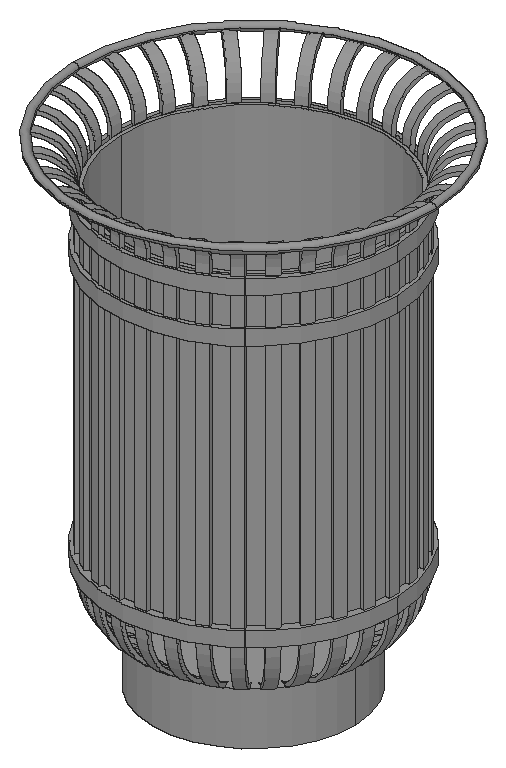
Revit family "Урна уличная круглая «Вертикаль» Арт 8835", category Антураж, Revit 2018
Family settings
  На основе рабочей плоскости = Нет
  Всегда вертикально = Да
  При загрузке вырезать с полостями = Нет
  Источник визуального образа = Геометрия семейства
  Общий = Нет
  Точка расчета площади = Нет
Parameters (values of type "Урна уличная круглая «Вертикаль»")
  Ширина = 480 mm  # constant formula
  Цвет каркаса = Сталь
  Цвет ведра = Цвет ведра
  Описание = "Урна уличная круглая «Вертикаль»"  # constant formula
  Материал изделия = "Сталь"  # constant formula
  Изображение типоразмера = Урна уличная круглая «Вертикаль» Арт 8835.jpg
  Изготовитель = "ООО «Хоббика»"  # constant formula
  Длина = 480 mm  # constant formula
  Диаметр = 480 mm  # constant formula
  Группа модели = "Уличные урны"  # constant formula
  Высота = 650 mm  # constant formula
  Артикул товара = "Арт. 8835"  # constant formula
  URL = "https://hobbyka.ru/product/urna_ulichnaya_kruglaya_vertikal/"
Reference planes
  plane 1 "По центру (Вперед/Назад)": y = 0
  plane 2: z = 0
  plane 3 "По центру (Влево/Вправо)": x = 0
  plane 4: x = 480
  plane 5: y = 480
  plane 6: z = 650
Forms (mm)
  Sweep 1, solid, material "Сталь" <- "Цвет каркаса"
    path origin (0, 0, 0) x (1, 0, 0) y (0, 1, 0)
      loop
        circle (240, 240) r 240
    profile origin (240, 480, 0) x (0, -1, 0) y (0, 0, 1)
      loop
        circle (5, 645) r 5
      loop
        line (50, 585) -> (50, 565) -> (55, 565) -> (55, 585) -> (50, 585)
      loop
        line (50, 525) -> (50, 505) -> (55, 505) -> (55, 525) -> (50, 525)
      loop
        line (50, 170) -> (50, 150) -> (60, 150) -> (60, 170) -> (50, 170)
  Extrusion 2, solid, material "Сталь" <- "Цвет каркаса"
    sketch origin (0, 0, 0) x (1, 0, 0) y (0, 1, 0)
      loop
        circle (240, 240) r 135
    from 0 to 70
  Extrusion 3, solid, material "Сталь" <- "Цвет каркаса"
    sketch origin (0, 0, 0) x (0, 1, 0) y (0, 0, 1)
      loop
        arc (5, 640) -> (42.165, 623.559) -> (55, 585) r 50.227
        line (55, 585) -> (55, 150)
        arc (55, 150) -> (68.528, 102.83) -> (105, 70) r 89
        line (105, 70) -> (118.388, 70)
        arc (118.388, 70) -> (76.149, 100.48) -> (60, 150) r 84
        line (60, 150) -> (60, 584.768)
        arc (60, 584.768) -> (47.427, 625.128) -> (9.995, 644.774) r 55.227
        arc (9.995, 644.774) -> (8.455, 641.385) -> (5, 640) r 5
    from 232.5 to 247.5
  Extrusion 4, solid, material "Сталь" <- "Цвет каркаса"
    sketch origin (0, 480, 0) x (0, -1, 0) y (0, 0, -1)
      loop
        arc (5, -640) -> (8.455, -641.385) -> (9.995, -644.774) r 5
        arc (9.995, -644.774) -> (47.427, -625.128) -> (60, -584.768) r 55.227
        line (60, -584.768) -> (60, -150)
        arc (60, -150) -> (76.149, -100.48) -> (118.388, -70) r 84
        line (118.388, -70) -> (105, -70)
        arc (105, -70) -> (68.528, -102.83) -> (55, -150) r 89
        line (55, -150) -> (55, -585)
        arc (55, -585) -> (42.165, -623.559) -> (5, -640) r 50.227
    from 232.5 to 247.5
  Extrusion 5, solid, material "Сталь" <- "Цвет каркаса"
    sketch origin (480, 0, 0) x (-1, 0, 0) y (0, 0, 1)
      loop
        arc (5, 640) -> (42.165, 623.559) -> (55, 585) r 50.227
        line (55, 585) -> (55, 150)
        arc (55, 150) -> (68.528, 102.83) -> (105, 70) r 89
        line (105, 70) -> (118.388, 70)
        arc (118.388, 70) -> (76.149, 100.48) -> (60, 150) r 84
        line (60, 150) -> (60, 584.768)
        arc (60, 584.768) -> (47.427, 625.128) -> (9.995, 644.774) r 55.227
        arc (9.995, 644.774) -> (8.455, 641.385) -> (5, 640) r 5
    from 232.5 to 247.5
  Extrusion 6, solid, material "Сталь" <- "Цвет каркаса"
    sketch origin (0, 0, 0) x (1, 0, 0) y (0, 0, -1)
      loop
        arc (5, -640) -> (8.455, -641.385) -> (9.995, -644.774) r 5
        arc (9.995, -644.774) -> (47.427, -625.128) -> (60, -584.768) r 55.227
        line (60, -584.768) -> (60, -150)
        arc (60, -150) -> (76.149, -100.48) -> (118.388, -70) r 84
        line (118.388, -70) -> (105, -70)
        arc (105, -70) -> (68.528, -102.83) -> (55, -150) r 89
        line (55, -150) -> (55, -585)
        arc (55, -585) -> (42.165, -623.559) -> (5, -640) r 50.227
    from 232.5 to 247.5
  Extrusion 7, solid, material "Сталь" <- "Цвет каркаса"
    sketch origin (240, -99.411, 0) x (-0.707107, 0.707107, 0) y (0, 0, 1)
      loop
        arc (5, 640) -> (42.165, 623.559) -> (55, 585) r 50.227
        line (55, 585) -> (55, 150)
        arc (55, 150) -> (68.528, 102.83) -> (105, 70) r 89
        line (105, 70) -> (118.388, 70)
        arc (118.388, 70) -> (76.149, 100.48) -> (60, 150) r 84
        line (60, 150) -> (60, 584.768)
        arc (60, 584.768) -> (47.427, 625.128) -> (9.995, 644.774) r 55.227
        arc (9.995, 644.774) -> (8.455, 641.385) -> (5, 640) r 5
    from 232.5 to 247.5
  Extrusion 8, solid, material "Сталь" <- "Цвет каркаса"
    sketch origin (-99.411, 240, 0) x (0.707107, -0.707107, 0) y (0, 0, -1)
      loop
        arc (5, -640) -> (8.455, -641.385) -> (9.995, -644.774) r 5
        arc (9.995, -644.774) -> (47.427, -625.128) -> (60, -584.768) r 55.227
        line (60, -584.768) -> (60, -150)
        arc (60, -150) -> (76.149, -100.48) -> (118.388, -70) r 84
        line (118.388, -70) -> (105, -70)
        arc (105, -70) -> (68.528, -102.83) -> (55, -150) r 89
        line (55, -150) -> (55, -585)
        arc (55, -585) -> (42.165, -623.559) -> (5, -640) r 50.227
    from 232.5 to 247.5
  Extrusion 9, solid, material "Сталь" <- "Цвет каркаса"
    sketch origin (579.411, 240, 0) x (-0.707107, -0.707107, 0) y (0, 0, 1)
      loop
        arc (5, 640) -> (42.165, 623.559) -> (55, 585) r 50.227
        line (55, 585) -> (55, 150)
        arc (55, 150) -> (68.528, 102.83) -> (105, 70) r 89
        line (105, 70) -> (118.388, 70)
        arc (118.388, 70) -> (76.149, 100.48) -> (60, 150) r 84
        line (60, 150) -> (60, 584.768)
        arc (60, 584.768) -> (47.427, 625.128) -> (9.995, 644.774) r 55.227
        arc (9.995, 644.774) -> (8.455, 641.385) -> (5, 640) r 5
    from 232.5 to 247.5
  Extrusion 10, solid, material "Сталь" <- "Цвет каркаса"
    sketch origin (240, -99.411, 0) x (0.707107, 0.707107, 0) y (0, 0, -1)
      loop
        arc (5, -640) -> (8.455, -641.385) -> (9.995, -644.774) r 5
        arc (9.995, -644.774) -> (47.427, -625.128) -> (60, -584.768) r 55.227
        line (60, -584.768) -> (60, -150)
        arc (60, -150) -> (76.149, -100.48) -> (118.388, -70) r 84
        line (118.388, -70) -> (105, -70)
        arc (105, -70) -> (68.528, -102.83) -> (55, -150) r 89
        line (55, -150) -> (55, -585)
        arc (55, -585) -> (42.165, -623.559) -> (5, -640) r 50.227
    from 232.5 to 247.5
  Extrusion 11, solid, material "Сталь" <- "Цвет каркаса"
    sketch origin (110.113, -73.575, 0) x (-0.382683, 0.92388, 0) y (0, 0, 1)
      loop
        arc (5, 640) -> (42.165, 623.559) -> (55, 585) r 50.227
        line (55, 585) -> (55, 150)
        arc (55, 150) -> (68.528, 102.83) -> (105, 70) r 89
        line (105, 70) -> (118.388, 70)
        arc (118.388, 70) -> (76.149, 100.48) -> (60, 150) r 84
        line (60, 150) -> (60, 584.768)
        arc (60, 584.768) -> (47.427, 625.128) -> (9.995, 644.774) r 55.227
        arc (9.995, 644.774) -> (8.455, 641.385) -> (5, 640) r 5
    from 232.5 to 247.5
  Extrusion 12, solid, material "Сталь" <- "Цвет каркаса"
    sketch origin (-73.575, 369.887, 0) x (0.382683, -0.92388, 0) y (0, 0, -1)
      loop
        arc (5, -640) -> (8.455, -641.385) -> (9.995, -644.774) r 5
        arc (9.995, -644.774) -> (47.427, -625.128) -> (60, -584.768) r 55.227
        line (60, -584.768) -> (60, -150)
        arc (60, -150) -> (76.149, -100.48) -> (118.388, -70) r 84
        line (118.388, -70) -> (105, -70)
        arc (105, -70) -> (68.528, -102.83) -> (55, -150) r 89
        line (55, -150) -> (55, -585)
        arc (55, -585) -> (42.165, -623.559) -> (5, -640) r 50.227
    from 232.5 to 247.5
  Extrusion 13, solid, material "Сталь" <- "Цвет каркаса"
    sketch origin (553.575, 110.113, 0) x (-0.92388, -0.382683, 0) y (0, 0, 1)
      loop
        arc (5, 640) -> (42.165, 623.559) -> (55, 585) r 50.227
        line (55, 585) -> (55, 150)
        arc (55, 150) -> (68.528, 102.83) -> (105, 70) r 89
        line (105, 70) -> (118.388, 70)
        arc (118.388, 70) -> (76.149, 100.48) -> (60, 150) r 84
        line (60, 150) -> (60, 584.768)
        arc (60, 584.768) -> (47.427, 625.128) -> (9.995, 644.774) r 55.227
        arc (9.995, 644.774) -> (8.455, 641.385) -> (5, 640) r 5
    from 232.5 to 247.5
  Extrusion 14, solid, material "Сталь" <- "Цвет каркаса"
    sketch origin (110.113, -73.575, 0) x (0.92388, 0.382683, 0) y (0, 0, -1)
      loop
        arc (5, -640) -> (8.455, -641.385) -> (9.995, -644.774) r 5
        arc (9.995, -644.774) -> (47.427, -625.128) -> (60, -584.768) r 55.227
        line (60, -584.768) -> (60, -150)
        arc (60, -150) -> (76.149, -100.48) -> (118.388, -70) r 84
        line (118.388, -70) -> (105, -70)
        arc (105, -70) -> (68.528, -102.83) -> (55, -150) r 89
        line (55, -150) -> (55, -585)
        arc (55, -585) -> (42.165, -623.559) -> (5, -640) r 50.227
    from 232.5 to 247.5
  Extrusion 15, solid, material "Сталь" <- "Цвет каркаса"
    sketch origin (369.887, -73.575, 0) x (-0.92388, 0.382683, 0) y (0, 0, 1)
      loop
        arc (5, 640) -> (42.165, 623.559) -> (55, 585) r 50.227
        line (55, 585) -> (55, 150)
        arc (55, 150) -> (68.528, 102.83) -> (105, 70) r 89
        line (105, 70) -> (118.388, 70)
        arc (118.388, 70) -> (76.149, 100.48) -> (60, 150) r 84
        line (60, 150) -> (60, 584.768)
        arc (60, 584.768) -> (47.427, 625.128) -> (9.995, 644.774) r 55.227
        arc (9.995, 644.774) -> (8.455, 641.385) -> (5, 640) r 5
    from 232.5 to 247.5
  Extrusion 16, solid, material "Сталь" <- "Цвет каркаса"
    sketch origin (-73.575, 110.113, 0) x (0.92388, -0.382683, 0) y (0, 0, -1)
      loop
        arc (5, -640) -> (8.455, -641.385) -> (9.995, -644.774) r 5
        arc (9.995, -644.774) -> (47.427, -625.128) -> (60, -584.768) r 55.227
        line (60, -584.768) -> (60, -150)
        arc (60, -150) -> (76.149, -100.48) -> (118.388, -70) r 84
        line (118.388, -70) -> (105, -70)
        arc (105, -70) -> (68.528, -102.83) -> (55, -150) r 89
        line (55, -150) -> (55, -585)
        arc (55, -585) -> (42.165, -623.559) -> (5, -640) r 50.227
    from 232.5 to 247.5
  Extrusion 17, solid, material "Сталь" <- "Цвет каркаса"
    sketch origin (553.575, 369.887, 0) x (-0.382683, -0.92388, 0) y (0, 0, 1)
      loop
        arc (5, 640) -> (42.165, 623.559) -> (55, 585) r 50.227
        line (55, 585) -> (55, 150)
        arc (55, 150) -> (68.528, 102.83) -> (105, 70) r 89
        line (105, 70) -> (118.388, 70)
        arc (118.388, 70) -> (76.149, 100.48) -> (60, 150) r 84
        line (60, 150) -> (60, 584.768)
        arc (60, 584.768) -> (47.427, 625.128) -> (9.995, 644.774) r 55.227
        arc (9.995, 644.774) -> (8.455, 641.385) -> (5, 640) r 5
    from 232.5 to 247.5
  Extrusion 18, solid, material "Сталь" <- "Цвет каркаса"
    sketch origin (369.887, -73.575, 0) x (0.382683, 0.92388, 0) y (0, 0, -1)
      loop
        arc (5, -640) -> (8.455, -641.385) -> (9.995, -644.774) r 5
        arc (9.995, -644.774) -> (47.427, -625.128) -> (60, -584.768) r 55.227
        line (60, -584.768) -> (60, -150)
        arc (60, -150) -> (76.149, -100.48) -> (118.388, -70) r 84
        line (118.388, -70) -> (105, -70)
        arc (105, -70) -> (68.528, -102.83) -> (55, -150) r 89
        line (55, -150) -> (55, -585)
        arc (55, -585) -> (42.165, -623.559) -> (5, -640) r 50.227
    from 232.5 to 247.5
  Extrusion 19, solid, material "Сталь" <- "Цвет каркаса"
    sketch origin (51.433, -42.21, 0) x (-0.19509, 0.980785, 0) y (0, 0, 1)
      loop
        arc (5, 640) -> (42.165, 623.559) -> (55, 585) r 50.227
        line (55, 585) -> (55, 150)
        arc (55, 150) -> (68.528, 102.83) -> (105, 70) r 89
        line (105, 70) -> (118.388, 70)
        arc (118.388, 70) -> (76.149, 100.48) -> (60, 150) r 84
        line (60, 150) -> (60, 584.768)
        arc (60, 584.768) -> (47.427, 625.128) -> (9.995, 644.774) r 55.227
        arc (9.995, 644.774) -> (8.455, 641.385) -> (5, 640) r 5
    from 232.5 to 247.5
  Extrusion 20, solid, material "Сталь" <- "Цвет каркаса"
    sketch origin (-42.21, 428.567, 0) x (0.19509, -0.980785, 0) y (0, 0, -1)
      loop
        arc (5, -640) -> (8.455, -641.385) -> (9.995, -644.774) r 5
        arc (9.995, -644.774) -> (47.427, -625.128) -> (60, -584.768) r 55.227
        line (60, -584.768) -> (60, -150)
        arc (60, -150) -> (76.149, -100.48) -> (118.388, -70) r 84
        line (118.388, -70) -> (105, -70)
        arc (105, -70) -> (68.528, -102.83) -> (55, -150) r 89
        line (55, -150) -> (55, -585)
        arc (55, -585) -> (42.165, -623.559) -> (5, -640) r 50.227
    from 232.5 to 247.5
  Extrusion 21, solid, material "Сталь" <- "Цвет каркаса"
    sketch origin (522.21, 51.433, 0) x (-0.980785, -0.19509, 0) y (0, 0, 1)
      loop
        arc (5, 640) -> (42.165, 623.559) -> (55, 585) r 50.227
        line (55, 585) -> (55, 150)
        arc (55, 150) -> (68.528, 102.83) -> (105, 70) r 89
        line (105, 70) -> (118.388, 70)
        arc (118.388, 70) -> (76.149, 100.48) -> (60, 150) r 84
        line (60, 150) -> (60, 584.768)
        arc (60, 584.768) -> (47.427, 625.128) -> (9.995, 644.774) r 55.227
        arc (9.995, 644.774) -> (8.455, 641.385) -> (5, 640) r 5
    from 232.5 to 247.5
  Extrusion 22, solid, material "Сталь" <- "Цвет каркаса"
    sketch origin (51.433, -42.21, 0) x (0.980785, 0.19509, 0) y (0, 0, -1)
      loop
        arc (5, -640) -> (8.455, -641.385) -> (9.995, -644.774) r 5
        arc (9.995, -644.774) -> (47.427, -625.128) -> (60, -584.768) r 55.227
        line (60, -584.768) -> (60, -150)
        arc (60, -150) -> (76.149, -100.48) -> (118.388, -70) r 84
        line (118.388, -70) -> (105, -70)
        arc (105, -70) -> (68.528, -102.83) -> (55, -150) r 89
        line (55, -150) -> (55, -585)
        arc (55, -585) -> (42.165, -623.559) -> (5, -640) r 50.227
    from 232.5 to 247.5
  Extrusion 23, solid, material "Сталь" <- "Цвет каркаса"
    sketch origin (306.216, -92.89, 0) x (-0.83147, 0.55557, 0) y (0, 0, 1)
      loop
        arc (5, 640) -> (42.165, 623.559) -> (55, 585) r 50.227
        line (55, 585) -> (55, 150)
        arc (55, 150) -> (68.528, 102.83) -> (105, 70) r 89
        line (105, 70) -> (118.388, 70)
        arc (118.388, 70) -> (76.149, 100.48) -> (60, 150) r 84
        line (60, 150) -> (60, 584.768)
        arc (60, 584.768) -> (47.427, 625.128) -> (9.995, 644.774) r 55.227
        arc (9.995, 644.774) -> (8.455, 641.385) -> (5, 640) r 5
    from 232.5 to 247.5
  Extrusion 24, solid, material "Сталь" <- "Цвет каркаса"
    sketch origin (-92.89, 173.784, 0) x (0.83147, -0.55557, 0) y (0, 0, -1)
      loop
        arc (5, -640) -> (8.455, -641.385) -> (9.995, -644.774) r 5
        arc (9.995, -644.774) -> (47.427, -625.128) -> (60, -584.768) r 55.227
        line (60, -584.768) -> (60, -150)
        arc (60, -150) -> (76.149, -100.48) -> (118.388, -70) r 84
        line (118.388, -70) -> (105, -70)
        arc (105, -70) -> (68.528, -102.83) -> (55, -150) r 89
        line (55, -150) -> (55, -585)
        arc (55, -585) -> (42.165, -623.559) -> (5, -640) r 50.227
    from 232.5 to 247.5
  Extrusion 25, solid, material "Сталь" <- "Цвет каркаса"
    sketch origin (572.89, 306.216, 0) x (-0.55557, -0.83147, 0) y (0, 0, 1)
      loop
        arc (5, 640) -> (42.165, 623.559) -> (55, 585) r 50.227
        line (55, 585) -> (55, 150)
        arc (55, 150) -> (68.528, 102.83) -> (105, 70) r 89
        line (105, 70) -> (118.388, 70)
        arc (118.388, 70) -> (76.149, 100.48) -> (60, 150) r 84
        line (60, 150) -> (60, 584.768)
        arc (60, 584.768) -> (47.427, 625.128) -> (9.995, 644.774) r 55.227
        arc (9.995, 644.774) -> (8.455, 641.385) -> (5, 640) r 5
    from 232.5 to 247.5
  Extrusion 26, solid, material "Сталь" <- "Цвет каркаса"
    sketch origin (306.216, -92.89, 0) x (0.55557, 0.83147, 0) y (0, 0, -1)
      loop
        arc (5, -640) -> (8.455, -641.385) -> (9.995, -644.774) r 5
        arc (9.995, -644.774) -> (47.427, -625.128) -> (60, -584.768) r 55.227
        line (60, -584.768) -> (60, -150)
        arc (60, -150) -> (76.149, -100.48) -> (118.388, -70) r 84
        line (118.388, -70) -> (105, -70)
        arc (105, -70) -> (68.528, -102.83) -> (55, -150) r 89
        line (55, -150) -> (55, -585)
        arc (55, -585) -> (42.165, -623.559) -> (5, -640) r 50.227
    from 232.5 to 247.5
  Extrusion 27, solid, material "Сталь" <- "Цвет каркаса"
    sketch origin (173.784, -92.89, 0) x (-0.55557, 0.83147, 0) y (0, 0, 1)
      loop
        arc (5, 640) -> (42.165, 623.559) -> (55, 585) r 50.227
        line (55, 585) -> (55, 150)
        arc (55, 150) -> (68.528, 102.83) -> (105, 70) r 89
        line (105, 70) -> (118.388, 70)
        arc (118.388, 70) -> (76.149, 100.48) -> (60, 150) r 84
        line (60, 150) -> (60, 584.768)
        arc (60, 584.768) -> (47.427, 625.128) -> (9.995, 644.774) r 55.227
        arc (9.995, 644.774) -> (8.455, 641.385) -> (5, 640) r 5
    from 232.5 to 247.5
  Extrusion 28, solid, material "Сталь" <- "Цвет каркаса"
    sketch origin (-92.89, 306.216, 0) x (0.55557, -0.83147, 0) y (0, 0, -1)
      loop
        arc (5, -640) -> (8.455, -641.385) -> (9.995, -644.774) r 5
        arc (9.995, -644.774) -> (47.427, -625.128) -> (60, -584.768) r 55.227
        line (60, -584.768) -> (60, -150)
        arc (60, -150) -> (76.149, -100.48) -> (118.388, -70) r 84
        line (118.388, -70) -> (105, -70)
        arc (105, -70) -> (68.528, -102.83) -> (55, -150) r 89
        line (55, -150) -> (55, -585)
        arc (55, -585) -> (42.165, -623.559) -> (5, -640) r 50.227
    from 232.5 to 247.5
  Extrusion 29, solid, material "Сталь" <- "Цвет каркаса"
    sketch origin (572.89, 173.784, 0) x (-0.83147, -0.55557, 0) y (0, 0, 1)
      loop
        arc (5, 640) -> (42.165, 623.559) -> (55, 585) r 50.227
        line (55, 585) -> (55, 150)
        arc (55, 150) -> (68.528, 102.83) -> (105, 70) r 89
        line (105, 70) -> (118.388, 70)
        arc (118.388, 70) -> (76.149, 100.48) -> (60, 150) r 84
        line (60, 150) -> (60, 584.768)
        arc (60, 584.768) -> (47.427, 625.128) -> (9.995, 644.774) r 55.227
        arc (9.995, 644.774) -> (8.455, 641.385) -> (5, 640) r 5
    from 232.5 to 247.5
  Extrusion 30, solid, material "Сталь" <- "Цвет каркаса"
    sketch origin (173.784, -92.89, 0) x (0.83147, 0.55557, 0) y (0, 0, -1)
      loop
        arc (5, -640) -> (8.455, -641.385) -> (9.995, -644.774) r 5
        arc (9.995, -644.774) -> (47.427, -625.128) -> (60, -584.768) r 55.227
        line (60, -584.768) -> (60, -150)
        arc (60, -150) -> (76.149, -100.48) -> (118.388, -70) r 84
        line (118.388, -70) -> (105, -70)
        arc (105, -70) -> (68.528, -102.83) -> (55, -150) r 89
        line (55, -150) -> (55, -585)
        arc (55, -585) -> (42.165, -623.559) -> (5, -640) r 50.227
    from 232.5 to 247.5
  Extrusion 31, solid, material "Сталь" <- "Цвет каркаса"
    sketch origin (428.567, -42.21, 0) x (-0.980785, 0.19509, 0) y (0, 0, 1)
      loop
        arc (5, 640) -> (42.165, 623.559) -> (55, 585) r 50.227
        line (55, 585) -> (55, 150)
        arc (55, 150) -> (68.528, 102.83) -> (105, 70) r 89
        line (105, 70) -> (118.388, 70)
        arc (118.388, 70) -> (76.149, 100.48) -> (60, 150) r 84
        line (60, 150) -> (60, 584.768)
        arc (60, 584.768) -> (47.427, 625.128) -> (9.995, 644.774) r 55.227
        arc (9.995, 644.774) -> (8.455, 641.385) -> (5, 640) r 5
    from 232.5 to 247.5
  Extrusion 32, solid, material "Сталь" <- "Цвет каркаса"
    sketch origin (-42.21, 51.433, 0) x (0.980785, -0.19509, 0) y (0, 0, -1)
      loop
        arc (5, -640) -> (8.455, -641.385) -> (9.995, -644.774) r 5
        arc (9.995, -644.774) -> (47.427, -625.128) -> (60, -584.768) r 55.227
        line (60, -584.768) -> (60, -150)
        arc (60, -150) -> (76.149, -100.48) -> (118.388, -70) r 84
        line (118.388, -70) -> (105, -70)
        arc (105, -70) -> (68.528, -102.83) -> (55, -150) r 89
        line (55, -150) -> (55, -585)
        arc (55, -585) -> (42.165, -623.559) -> (5, -640) r 50.227
    from 232.5 to 247.5
  Extrusion 33, solid, material "Сталь" <- "Цвет каркаса"
    sketch origin (522.21, 428.567, 0) x (-0.19509, -0.980785, 0) y (0, 0, 1)
      loop
        arc (5, 640) -> (42.165, 623.559) -> (55, 585) r 50.227
        line (55, 585) -> (55, 150)
        arc (55, 150) -> (68.528, 102.83) -> (105, 70) r 89
        line (105, 70) -> (118.388, 70)
        arc (118.388, 70) -> (76.149, 100.48) -> (60, 150) r 84
        line (60, 150) -> (60, 584.768)
        arc (60, 584.768) -> (47.427, 625.128) -> (9.995, 644.774) r 55.227
        arc (9.995, 644.774) -> (8.455, 641.385) -> (5, 640) r 5
    from 232.5 to 247.5
  Extrusion 34, solid, material "Сталь" <- "Цвет каркаса"
    sketch origin (428.567, -42.21, 0) x (0.19509, 0.980785, 0) y (0, 0, -1)
      loop
        arc (5, -640) -> (8.455, -641.385) -> (9.995, -644.774) r 5
        arc (9.995, -644.774) -> (47.427, -625.128) -> (60, -584.768) r 55.227
        line (60, -584.768) -> (60, -150)
        arc (60, -150) -> (76.149, -100.48) -> (118.388, -70) r 84
        line (118.388, -70) -> (105, -70)
        arc (105, -70) -> (68.528, -102.83) -> (55, -150) r 89
        line (55, -150) -> (55, -585)
        arc (55, -585) -> (42.165, -623.559) -> (5, -640) r 50.227
    from 232.5 to 247.5
  Extrusion 35, solid, material "Цвет ведра" <- "Цвет ведра"
    sketch origin (0, 0, 0) x (1, 0, 0) y (0, 1, 0)
      loop
        circle (240, 240) r 180
    from 170 to 585
  Extrusion 36, void
    sketch origin (0, 0, 0) x (1, 0, 0) y (0, 1, 0)
      loop
        circle (240, 240) r 175
    from 175 to 585
Cuts and joins
  Extrusion 36 cuts Extrusion 2
  Extrusion 36 cuts Extrusion 3
  Extrusion 36 cuts Extrusion 4
  Extrusion 36 cuts Extrusion 5
  Extrusion 36 cuts Extrusion 6
  Extrusion 36 cuts Extrusion 7
  Extrusion 36 cuts Extrusion 8
  Extrusion 36 cuts Extrusion 9
  Extrusion 36 cuts Extrusion 10
  Extrusion 36 cuts Extrusion 11
  Extrusion 36 cuts Extrusion 12
  Extrusion 36 cuts Extrusion 13
  Extrusion 36 cuts Extrusion 14
  Extrusion 36 cuts Extrusion 15
  Extrusion 36 cuts Extrusion 16
  Extrusion 36 cuts Extrusion 17
  Extrusion 36 cuts Extrusion 18
  Extrusion 36 cuts Extrusion 19
  Extrusion 36 cuts Extrusion 20
  Extrusion 36 cuts Extrusion 21
  Extrusion 36 cuts Extrusion 22
  Extrusion 36 cuts Extrusion 23
  Extrusion 36 cuts Extrusion 24
  Extrusion 36 cuts Extrusion 25
  Extrusion 36 cuts Extrusion 26
  Extrusion 36 cuts Extrusion 27
  Extrusion 36 cuts Extrusion 28
  Extrusion 36 cuts Extrusion 29
  Extrusion 36 cuts Extrusion 30
  Extrusion 36 cuts Extrusion 31
  Extrusion 36 cuts Extrusion 32
  Extrusion 36 cuts Extrusion 33
  Extrusion 36 cuts Extrusion 34
  Extrusion 36 cuts Extrusion 35
Lines and regions (mm)
  reference lines
    curve 1: circle (240, 240, 0) r 240 normal (0, 0, 1)
Dimensions and locks
  "Длина": plane 3 "По центру (Влево/Вправо)" to plane 4
  "Ширина": plane 1 "По центру (Вперед/Назад)" to plane 5
  "Высота": plane 6 to level
  "Диаметр": diameter of curve 1
  aligned and locked: level to plane 2
Automatic sketch dimensions
  plane 3 "По центру (Влево/Вправо)" to curve 1 = 240 mm
  curve 1 to plane 1 "По центру (Вперед/Назад)" = 240 mm
  Sweep 1 sketch curve to profile plane = 5 mm
  Sweep 1 sketch curve to profile plane = 50 mm  (x2)
  Sweep 1 sketch curve to Sweep 1 sketch curve = 0 mm
  Sweep 1 sketch curve to Sweep 1 sketch curve = 5 mm  (x2)
  Sweep 1 sketch curve to Sweep 1 sketch curve = 10 mm
  level to Sweep 1 sketch curve = 150 mm
  Sweep 1 sketch curve to Sweep 1 sketch curve = 20 mm  (x3)
  Sweep 1 sketch curve to Sweep 1 sketch curve = 335 mm
  Sweep 1 sketch curve to Sweep 1 sketch curve = 40 mm
  Sweep 1 sketch curve to Sweep 1 sketch curve = 60 mm
  plane 3 "По центру (Влево/Вправо)" to Extrusion 2 sketch curve = 240 mm
  Extrusion 2 sketch curve to plane 1 "По центру (Вперед/Назад)" = 240 mm
  Extrusion 3 sketch curve to Extrusion 3 sketch curve = 0 mm  (x4)
  Extrusion 3 sketch curve to plane 1 "По центру (Вперед/Назад)" = 5 mm
  Extrusion 3 sketch curve to plane 1 "По центру (Вперед/Назад)" = 55 mm
  Extrusion 3 sketch curve to Extrusion 3 sketch curve = 5 mm  (x2)
  Extrusion 3 sketch curve to Extrusion 3 sketch curve = 45 mm
  Extrusion 3 sketch curve to Extrusion 3 sketch curve = 13.388 mm
  level to Extrusion 3 sketch curve = 70 mm
  Extrusion 3 sketch curve to plane 6 = 65.232 mm
  Extrusion 3 sketch curve to Extrusion 3 sketch curve = 0.232 mm
  Extrusion 3 sketch curve to Extrusion 3 sketch curve = 4.773 mm
  Extrusion 3 sketch curve to Extrusion 3 sketch curve = 4.995 mm
  Extrusion 4 sketch curve to Extrusion 4 sketch curve = 0 mm  (x4)
  plane 5 to Extrusion 4 sketch curve = 5 mm
  plane 5 to Extrusion 4 sketch curve = 55 mm
  Extrusion 4 sketch curve to Extrusion 4 sketch curve = 5 mm  (x2)
  Extrusion 4 sketch curve to Extrusion 4 sketch curve = 45 mm
  Extrusion 4 sketch curve to Extrusion 4 sketch curve = 13.388 mm
  Extrusion 4 sketch curve to level = 70 mm
  plane 6 to Extrusion 4 sketch curve = 65.232 mm
  Extrusion 4 sketch curve to Extrusion 4 sketch curve = 0.232 mm
  Extrusion 4 sketch curve to Extrusion 4 sketch curve = 4.773 mm
  Extrusion 4 sketch curve to Extrusion 4 sketch curve = 4.995 mm
  Extrusion 5 sketch curve to Extrusion 5 sketch curve = 0 mm  (x4)
  Extrusion 5 sketch curve to plane 4 = 5 mm
  Extrusion 5 sketch curve to plane 4 = 55 mm
  Extrusion 5 sketch curve to Extrusion 5 sketch curve = 5 mm  (x2)
  Extrusion 5 sketch curve to Extrusion 5 sketch curve = 45 mm
  Extrusion 5 sketch curve to Extrusion 5 sketch curve = 13.388 mm
  level to Extrusion 5 sketch curve = 70 mm
  Extrusion 5 sketch curve to plane 6 = 65.232 mm
  Extrusion 5 sketch curve to Extrusion 5 sketch curve = 0.232 mm
  Extrusion 5 sketch curve to Extrusion 5 sketch curve = 4.773 mm
  Extrusion 5 sketch curve to Extrusion 5 sketch curve = 4.995 mm
  Extrusion 6 sketch curve to Extrusion 6 sketch curve = 0 mm  (x4)
  plane 3 "По центру (Влево/Вправо)" to Extrusion 6 sketch curve = 5 mm
  plane 3 "По центру (Влево/Вправо)" to Extrusion 6 sketch curve = 55 mm
  Extrusion 6 sketch curve to Extrusion 6 sketch curve = 5 mm
  Extrusion 6 sketch curve to Extrusion 6 sketch curve = 45 mm
  Extrusion 6 sketch curve to Extrusion 6 sketch curve = 13.388 mm
  Extrusion 6 sketch curve to plane 6 = 5 mm
  Extrusion 6 sketch curve to Extrusion 6 sketch curve = 55.227 mm
  Extrusion 6 sketch curve to Extrusion 6 sketch curve = 4.773 mm
  Extrusion 6 sketch curve to Extrusion 6 sketch curve = 0.232 mm
  level to Extrusion 6 sketch curve = 150 mm
  Extrusion 6 sketch curve to Extrusion 6 sketch curve = 4.995 mm
  Extrusion 7 sketch curve to Extrusion 7 sketch curve = 0 mm  (x4)
  Extrusion 7 sketch curve to plane 6 = 5 mm
  level to Extrusion 7 sketch curve = 150 mm
  Extrusion 7 sketch curve to Extrusion 7 sketch curve = 50 mm
  Extrusion 7 sketch curve to Extrusion 7 sketch curve = 5 mm
  level to Extrusion 7 sketch curve = 70 mm
  Extrusion 7 sketch curve to Extrusion 7 sketch curve = 45 mm
  Extrusion 7 sketch curve to plane 6 = 65.232 mm
  Extrusion 7 sketch curve to Extrusion 7 sketch curve = 0.232 mm
  Extrusion 7 sketch curve to Extrusion 7 sketch curve = 4.773 mm
  Extrusion 7 sketch curve to Extrusion 7 sketch curve = 4.995 mm
  Extrusion 8 sketch curve to Extrusion 8 sketch curve = 0 mm  (x4)
  Extrusion 8 sketch curve to plane 6 = 5 mm
  level to Extrusion 8 sketch curve = 150 mm
  Extrusion 8 sketch curve to Extrusion 8 sketch curve = 50 mm
  Extrusion 8 sketch curve to Extrusion 8 sketch curve = 5 mm
  level to Extrusion 8 sketch curve = 70 mm
  Extrusion 8 sketch curve to Extrusion 8 sketch curve = 45 mm
  Extrusion 8 sketch curve to Extrusion 8 sketch curve = 55.227 mm
  Extrusion 8 sketch curve to Extrusion 8 sketch curve = 4.773 mm
  Extrusion 8 sketch curve to Extrusion 8 sketch curve = 0.232 mm
  Extrusion 8 sketch curve to Extrusion 8 sketch curve = 4.995 mm
  Extrusion 9 sketch curve to Extrusion 9 sketch curve = 0 mm  (x4)
  Extrusion 9 sketch curve to plane 6 = 5 mm
  level to Extrusion 9 sketch curve = 150 mm
  Extrusion 9 sketch curve to Extrusion 9 sketch curve = 50 mm
  Extrusion 9 sketch curve to Extrusion 9 sketch curve = 5 mm
  level to Extrusion 9 sketch curve = 70 mm
  Extrusion 9 sketch curve to Extrusion 9 sketch curve = 45 mm
  Extrusion 9 sketch curve to plane 6 = 65.232 mm
  Extrusion 9 sketch curve to Extrusion 9 sketch curve = 0.232 mm
  Extrusion 9 sketch curve to Extrusion 9 sketch curve = 4.773 mm
  Extrusion 9 sketch curve to Extrusion 9 sketch curve = 4.995 mm
  Extrusion 10 sketch curve to Extrusion 10 sketch curve = 0 mm  (x4)
  Extrusion 10 sketch curve to plane 6 = 5 mm
  level to Extrusion 10 sketch curve = 150 mm
  Extrusion 10 sketch curve to Extrusion 10 sketch curve = 50 mm
  Extrusion 10 sketch curve to Extrusion 10 sketch curve = 5 mm
  level to Extrusion 10 sketch curve = 70 mm
  Extrusion 10 sketch curve to Extrusion 10 sketch curve = 45 mm
  Extrusion 10 sketch curve to Extrusion 10 sketch curve = 55.227 mm
  Extrusion 10 sketch curve to Extrusion 10 sketch curve = 4.773 mm
  Extrusion 10 sketch curve to Extrusion 10 sketch curve = 0.232 mm
  Extrusion 10 sketch curve to Extrusion 10 sketch curve = 4.995 mm
  Extrusion 11 sketch curve to Extrusion 11 sketch curve = 0 mm  (x4)
  Extrusion 11 sketch curve to plane 6 = 5 mm
  level to Extrusion 11 sketch curve = 150 mm
  Extrusion 11 sketch curve to Extrusion 11 sketch curve = 50 mm
  Extrusion 11 sketch curve to Extrusion 11 sketch curve = 5 mm
  level to Extrusion 11 sketch curve = 70 mm
  Extrusion 11 sketch curve to Extrusion 11 sketch curve = 45 mm
  Extrusion 11 sketch curve to plane 6 = 65.232 mm
  Extrusion 11 sketch curve to Extrusion 11 sketch curve = 0.232 mm
  Extrusion 11 sketch curve to Extrusion 11 sketch curve = 4.773 mm
  Extrusion 11 sketch curve to Extrusion 11 sketch curve = 4.995 mm
  Extrusion 12 sketch curve to Extrusion 12 sketch curve = 0 mm  (x4)
  Extrusion 12 sketch curve to plane 6 = 5 mm
  level to Extrusion 12 sketch curve = 150 mm
  Extrusion 12 sketch curve to Extrusion 12 sketch curve = 50 mm
  Extrusion 12 sketch curve to Extrusion 12 sketch curve = 5 mm
  level to Extrusion 12 sketch curve = 70 mm
  Extrusion 12 sketch curve to Extrusion 12 sketch curve = 45 mm
  Extrusion 12 sketch curve to Extrusion 12 sketch curve = 55.227 mm
  Extrusion 12 sketch curve to Extrusion 12 sketch curve = 4.773 mm
  Extrusion 12 sketch curve to Extrusion 12 sketch curve = 0.232 mm
  Extrusion 12 sketch curve to Extrusion 12 sketch curve = 4.995 mm
  Extrusion 13 sketch curve to Extrusion 13 sketch curve = 0 mm  (x4)
  Extrusion 13 sketch curve to plane 6 = 5 mm
  level to Extrusion 13 sketch curve = 150 mm
  Extrusion 13 sketch curve to Extrusion 13 sketch curve = 50 mm
  Extrusion 13 sketch curve to Extrusion 13 sketch curve = 5 mm
  level to Extrusion 13 sketch curve = 70 mm
  Extrusion 13 sketch curve to Extrusion 13 sketch curve = 45 mm
  Extrusion 13 sketch curve to plane 6 = 65.232 mm
  Extrusion 13 sketch curve to Extrusion 13 sketch curve = 0.232 mm
  Extrusion 13 sketch curve to Extrusion 13 sketch curve = 4.773 mm
  Extrusion 13 sketch curve to Extrusion 13 sketch curve = 4.995 mm
  Extrusion 14 sketch curve to Extrusion 14 sketch curve = 0 mm  (x4)
  Extrusion 14 sketch curve to plane 6 = 5 mm
  level to Extrusion 14 sketch curve = 150 mm
  Extrusion 14 sketch curve to Extrusion 14 sketch curve = 50 mm
  Extrusion 14 sketch curve to Extrusion 14 sketch curve = 5 mm
  level to Extrusion 14 sketch curve = 70 mm
  Extrusion 14 sketch curve to Extrusion 14 sketch curve = 45 mm
  Extrusion 14 sketch curve to Extrusion 14 sketch curve = 55.227 mm
  Extrusion 14 sketch curve to Extrusion 14 sketch curve = 4.773 mm
  Extrusion 14 sketch curve to Extrusion 14 sketch curve = 0.232 mm
  Extrusion 14 sketch curve to Extrusion 14 sketch curve = 4.995 mm
  Extrusion 15 sketch curve to Extrusion 15 sketch curve = 0 mm  (x4)
  Extrusion 15 sketch curve to plane 6 = 5 mm
  level to Extrusion 15 sketch curve = 150 mm
  Extrusion 15 sketch curve to Extrusion 15 sketch curve = 50 mm
  Extrusion 15 sketch curve to Extrusion 15 sketch curve = 5 mm
  level to Extrusion 15 sketch curve = 70 mm
  Extrusion 15 sketch curve to Extrusion 15 sketch curve = 45 mm
  Extrusion 15 sketch curve to plane 6 = 65.232 mm
  Extrusion 15 sketch curve to Extrusion 15 sketch curve = 0.232 mm
  Extrusion 15 sketch curve to Extrusion 15 sketch curve = 4.773 mm
  Extrusion 15 sketch curve to Extrusion 15 sketch curve = 4.995 mm
  Extrusion 16 sketch curve to Extrusion 16 sketch curve = 0 mm  (x4)
  Extrusion 16 sketch curve to plane 6 = 5 mm
  level to Extrusion 16 sketch curve = 150 mm
  Extrusion 16 sketch curve to Extrusion 16 sketch curve = 50 mm
  Extrusion 16 sketch curve to Extrusion 16 sketch curve = 5 mm
  level to Extrusion 16 sketch curve = 70 mm
  Extrusion 16 sketch curve to Extrusion 16 sketch curve = 45 mm
  Extrusion 16 sketch curve to Extrusion 16 sketch curve = 55.227 mm
  Extrusion 16 sketch curve to Extrusion 16 sketch curve = 4.773 mm
  Extrusion 16 sketch curve to Extrusion 16 sketch curve = 0.232 mm
  Extrusion 16 sketch curve to Extrusion 16 sketch curve = 4.995 mm
  Extrusion 17 sketch curve to Extrusion 17 sketch curve = 0 mm  (x4)
  Extrusion 17 sketch curve to plane 6 = 5 mm
  level to Extrusion 17 sketch curve = 150 mm
  Extrusion 17 sketch curve to Extrusion 17 sketch curve = 50 mm
  Extrusion 17 sketch curve to Extrusion 17 sketch curve = 5 mm
  level to Extrusion 17 sketch curve = 70 mm
  Extrusion 17 sketch curve to Extrusion 17 sketch curve = 45 mm
  Extrusion 17 sketch curve to plane 6 = 65.232 mm
  Extrusion 17 sketch curve to Extrusion 17 sketch curve = 0.232 mm
  Extrusion 17 sketch curve to Extrusion 17 sketch curve = 4.773 mm
  Extrusion 17 sketch curve to Extrusion 17 sketch curve = 4.995 mm
  Extrusion 18 sketch curve to Extrusion 18 sketch curve = 0 mm  (x4)
  Extrusion 18 sketch curve to plane 6 = 5 mm
  level to Extrusion 18 sketch curve = 150 mm
  Extrusion 18 sketch curve to Extrusion 18 sketch curve = 50 mm
  Extrusion 18 sketch curve to Extrusion 18 sketch curve = 5 mm
  level to Extrusion 18 sketch curve = 70 mm
  Extrusion 18 sketch curve to Extrusion 18 sketch curve = 45 mm
  Extrusion 18 sketch curve to Extrusion 18 sketch curve = 55.227 mm
  Extrusion 18 sketch curve to Extrusion 18 sketch curve = 4.773 mm
  Extrusion 18 sketch curve to Extrusion 18 sketch curve = 0.232 mm
  Extrusion 18 sketch curve to Extrusion 18 sketch curve = 4.995 mm
  Extrusion 19 sketch curve to Extrusion 19 sketch curve = 0 mm  (x4)
  Extrusion 19 sketch curve to plane 6 = 5 mm
  level to Extrusion 19 sketch curve = 150 mm
  Extrusion 19 sketch curve to Extrusion 19 sketch curve = 50 mm
  Extrusion 19 sketch curve to Extrusion 19 sketch curve = 5 mm
  level to Extrusion 19 sketch curve = 70 mm
  Extrusion 19 sketch curve to Extrusion 19 sketch curve = 45 mm
  Extrusion 19 sketch curve to plane 6 = 65.232 mm
  Extrusion 19 sketch curve to Extrusion 19 sketch curve = 0.232 mm
  Extrusion 19 sketch curve to Extrusion 19 sketch curve = 4.773 mm
  Extrusion 19 sketch curve to Extrusion 19 sketch curve = 4.995 mm
  Extrusion 20 sketch curve to Extrusion 20 sketch curve = 0 mm  (x4)
  Extrusion 20 sketch curve to plane 6 = 5 mm
  level to Extrusion 20 sketch curve = 150 mm
  Extrusion 20 sketch curve to Extrusion 20 sketch curve = 50 mm
  Extrusion 20 sketch curve to Extrusion 20 sketch curve = 5 mm
  level to Extrusion 20 sketch curve = 70 mm
  Extrusion 20 sketch curve to Extrusion 20 sketch curve = 45 mm
  Extrusion 20 sketch curve to Extrusion 20 sketch curve = 55.227 mm
  Extrusion 20 sketch curve to Extrusion 20 sketch curve = 4.773 mm
  Extrusion 20 sketch curve to Extrusion 20 sketch curve = 0.232 mm
  Extrusion 20 sketch curve to Extrusion 20 sketch curve = 4.995 mm
  Extrusion 21 sketch curve to Extrusion 21 sketch curve = 0 mm  (x4)
  Extrusion 21 sketch curve to plane 6 = 5 mm
  level to Extrusion 21 sketch curve = 150 mm
  Extrusion 21 sketch curve to Extrusion 21 sketch curve = 50 mm
  Extrusion 21 sketch curve to Extrusion 21 sketch curve = 5 mm
  level to Extrusion 21 sketch curve = 70 mm
  Extrusion 21 sketch curve to Extrusion 21 sketch curve = 45 mm
  Extrusion 21 sketch curve to plane 6 = 65.232 mm
  Extrusion 21 sketch curve to Extrusion 21 sketch curve = 0.232 mm
  Extrusion 21 sketch curve to Extrusion 21 sketch curve = 4.773 mm
  Extrusion 21 sketch curve to Extrusion 21 sketch curve = 4.995 mm
  Extrusion 22 sketch curve to Extrusion 22 sketch curve = 0 mm  (x4)
  Extrusion 22 sketch curve to plane 6 = 5 mm
  level to Extrusion 22 sketch curve = 150 mm
  Extrusion 22 sketch curve to Extrusion 22 sketch curve = 50 mm
  Extrusion 22 sketch curve to Extrusion 22 sketch curve = 5 mm
  level to Extrusion 22 sketch curve = 70 mm
  Extrusion 22 sketch curve to Extrusion 22 sketch curve = 45 mm
  Extrusion 22 sketch curve to Extrusion 22 sketch curve = 55.227 mm
  Extrusion 22 sketch curve to Extrusion 22 sketch curve = 4.773 mm
  Extrusion 22 sketch curve to Extrusion 22 sketch curve = 0.232 mm
  Extrusion 22 sketch curve to Extrusion 22 sketch curve = 4.995 mm
  Extrusion 23 sketch curve to Extrusion 23 sketch curve = 0 mm  (x4)
  Extrusion 23 sketch curve to plane 6 = 5 mm
  level to Extrusion 23 sketch curve = 150 mm
  Extrusion 23 sketch curve to Extrusion 23 sketch curve = 50 mm
  Extrusion 23 sketch curve to Extrusion 23 sketch curve = 5 mm
  level to Extrusion 23 sketch curve = 70 mm
  Extrusion 23 sketch curve to Extrusion 23 sketch curve = 45 mm
  Extrusion 23 sketch curve to plane 6 = 65.232 mm
  Extrusion 23 sketch curve to Extrusion 23 sketch curve = 0.232 mm
  Extrusion 23 sketch curve to Extrusion 23 sketch curve = 4.773 mm
  Extrusion 23 sketch curve to Extrusion 23 sketch curve = 4.995 mm
  Extrusion 24 sketch curve to Extrusion 24 sketch curve = 0 mm  (x4)
  Extrusion 24 sketch curve to plane 6 = 5 mm
  level to Extrusion 24 sketch curve = 150 mm
  Extrusion 24 sketch curve to Extrusion 24 sketch curve = 50 mm
  Extrusion 24 sketch curve to Extrusion 24 sketch curve = 5 mm
  level to Extrusion 24 sketch curve = 70 mm
  Extrusion 24 sketch curve to Extrusion 24 sketch curve = 45 mm
  Extrusion 24 sketch curve to Extrusion 24 sketch curve = 55.227 mm
  Extrusion 24 sketch curve to Extrusion 24 sketch curve = 4.773 mm
  Extrusion 24 sketch curve to Extrusion 24 sketch curve = 0.232 mm
  Extrusion 24 sketch curve to Extrusion 24 sketch curve = 4.995 mm
  Extrusion 25 sketch curve to Extrusion 25 sketch curve = 0 mm  (x4)
  Extrusion 25 sketch curve to plane 6 = 5 mm
  level to Extrusion 25 sketch curve = 150 mm
  Extrusion 25 sketch curve to Extrusion 25 sketch curve = 50 mm
  Extrusion 25 sketch curve to Extrusion 25 sketch curve = 5 mm
  level to Extrusion 25 sketch curve = 70 mm
  Extrusion 25 sketch curve to Extrusion 25 sketch curve = 45 mm
  Extrusion 25 sketch curve to plane 6 = 65.232 mm
  Extrusion 25 sketch curve to Extrusion 25 sketch curve = 0.232 mm
  Extrusion 25 sketch curve to Extrusion 25 sketch curve = 4.773 mm
  Extrusion 25 sketch curve to Extrusion 25 sketch curve = 4.995 mm
  Extrusion 26 sketch curve to Extrusion 26 sketch curve = 0 mm  (x4)
  Extrusion 26 sketch curve to plane 6 = 5 mm
  level to Extrusion 26 sketch curve = 150 mm
  Extrusion 26 sketch curve to Extrusion 26 sketch curve = 50 mm
  Extrusion 26 sketch curve to Extrusion 26 sketch curve = 5 mm
  level to Extrusion 26 sketch curve = 70 mm
  Extrusion 26 sketch curve to Extrusion 26 sketch curve = 45 mm
  Extrusion 26 sketch curve to Extrusion 26 sketch curve = 55.227 mm
  Extrusion 26 sketch curve to Extrusion 26 sketch curve = 4.773 mm
  Extrusion 26 sketch curve to Extrusion 26 sketch curve = 0.232 mm
  Extrusion 26 sketch curve to Extrusion 26 sketch curve = 4.995 mm
  Extrusion 27 sketch curve to Extrusion 27 sketch curve = 0 mm  (x4)
  Extrusion 27 sketch curve to plane 6 = 5 mm
  level to Extrusion 27 sketch curve = 150 mm
  Extrusion 27 sketch curve to Extrusion 27 sketch curve = 50 mm
  Extrusion 27 sketch curve to Extrusion 27 sketch curve = 5 mm
  level to Extrusion 27 sketch curve = 70 mm
  Extrusion 27 sketch curve to Extrusion 27 sketch curve = 45 mm
  Extrusion 27 sketch curve to plane 6 = 65.232 mm
  Extrusion 27 sketch curve to Extrusion 27 sketch curve = 0.232 mm
  Extrusion 27 sketch curve to Extrusion 27 sketch curve = 4.773 mm
  Extrusion 27 sketch curve to Extrusion 27 sketch curve = 4.995 mm
  Extrusion 28 sketch curve to Extrusion 28 sketch curve = 0 mm  (x4)
  Extrusion 28 sketch curve to plane 6 = 5 mm
  level to Extrusion 28 sketch curve = 150 mm
  Extrusion 28 sketch curve to Extrusion 28 sketch curve = 50 mm
  Extrusion 28 sketch curve to Extrusion 28 sketch curve = 5 mm
  level to Extrusion 28 sketch curve = 70 mm
  Extrusion 28 sketch curve to Extrusion 28 sketch curve = 45 mm
  Extrusion 28 sketch curve to Extrusion 28 sketch curve = 55.227 mm
  Extrusion 28 sketch curve to Extrusion 28 sketch curve = 4.773 mm
  Extrusion 28 sketch curve to Extrusion 28 sketch curve = 0.232 mm
  Extrusion 28 sketch curve to Extrusion 28 sketch curve = 4.995 mm
  Extrusion 29 sketch curve to Extrusion 29 sketch curve = 0 mm  (x4)
  Extrusion 29 sketch curve to plane 6 = 5 mm
  level to Extrusion 29 sketch curve = 150 mm
  Extrusion 29 sketch curve to Extrusion 29 sketch curve = 50 mm
  Extrusion 29 sketch curve to Extrusion 29 sketch curve = 5 mm
  level to Extrusion 29 sketch curve = 70 mm
  Extrusion 29 sketch curve to Extrusion 29 sketch curve = 45 mm
  Extrusion 29 sketch curve to plane 6 = 65.232 mm
  Extrusion 29 sketch curve to Extrusion 29 sketch curve = 0.232 mm
  Extrusion 29 sketch curve to Extrusion 29 sketch curve = 4.773 mm
  Extrusion 29 sketch curve to Extrusion 29 sketch curve = 4.995 mm
  Extrusion 30 sketch curve to Extrusion 30 sketch curve = 0 mm  (x4)
  Extrusion 30 sketch curve to plane 6 = 5 mm
  level to Extrusion 30 sketch curve = 150 mm
  Extrusion 30 sketch curve to Extrusion 30 sketch curve = 50 mm
  Extrusion 30 sketch curve to Extrusion 30 sketch curve = 5 mm
  level to Extrusion 30 sketch curve = 70 mm
  Extrusion 30 sketch curve to Extrusion 30 sketch curve = 45 mm
  Extrusion 30 sketch curve to Extrusion 30 sketch curve = 55.227 mm
  Extrusion 30 sketch curve to Extrusion 30 sketch curve = 4.773 mm
  Extrusion 30 sketch curve to Extrusion 30 sketch curve = 0.232 mm
  Extrusion 30 sketch curve to Extrusion 30 sketch curve = 4.995 mm
  Extrusion 31 sketch curve to Extrusion 31 sketch curve = 0 mm  (x4)
  Extrusion 31 sketch curve to plane 6 = 5 mm
  level to Extrusion 31 sketch curve = 150 mm
  Extrusion 31 sketch curve to Extrusion 31 sketch curve = 50 mm
  Extrusion 31 sketch curve to Extrusion 31 sketch curve = 5 mm
  level to Extrusion 31 sketch curve = 70 mm
  Extrusion 31 sketch curve to Extrusion 31 sketch curve = 45 mm
  Extrusion 31 sketch curve to plane 6 = 65.232 mm
  Extrusion 31 sketch curve to Extrusion 31 sketch curve = 0.232 mm
  Extrusion 31 sketch curve to Extrusion 31 sketch curve = 4.773 mm
  Extrusion 31 sketch curve to Extrusion 31 sketch curve = 4.995 mm
  Extrusion 32 sketch curve to Extrusion 32 sketch curve = 0 mm  (x4)
  Extrusion 32 sketch curve to plane 6 = 5 mm
  level to Extrusion 32 sketch curve = 150 mm
  Extrusion 32 sketch curve to Extrusion 32 sketch curve = 50 mm
  Extrusion 32 sketch curve to Extrusion 32 sketch curve = 5 mm
  level to Extrusion 32 sketch curve = 70 mm
  Extrusion 32 sketch curve to Extrusion 32 sketch curve = 45 mm
  Extrusion 32 sketch curve to Extrusion 32 sketch curve = 55.227 mm
  Extrusion 32 sketch curve to Extrusion 32 sketch curve = 4.773 mm
  Extrusion 32 sketch curve to Extrusion 32 sketch curve = 0.232 mm
  Extrusion 32 sketch curve to Extrusion 32 sketch curve = 4.995 mm
  Extrusion 33 sketch curve to Extrusion 33 sketch curve = 0 mm  (x4)
  Extrusion 33 sketch curve to plane 6 = 5 mm
  level to Extrusion 33 sketch curve = 150 mm
  Extrusion 33 sketch curve to Extrusion 33 sketch curve = 50 mm
  Extrusion 33 sketch curve to Extrusion 33 sketch curve = 5 mm
  level to Extrusion 33 sketch curve = 70 mm
  Extrusion 33 sketch curve to Extrusion 33 sketch curve = 45 mm
  Extrusion 33 sketch curve to plane 6 = 65.232 mm
  Extrusion 33 sketch curve to Extrusion 33 sketch curve = 0.232 mm
  Extrusion 33 sketch curve to Extrusion 33 sketch curve = 4.773 mm
  Extrusion 33 sketch curve to Extrusion 33 sketch curve = 4.995 mm
  Extrusion 34 sketch curve to Extrusion 34 sketch curve = 0 mm  (x4)
  Extrusion 34 sketch curve to plane 6 = 5 mm
  level to Extrusion 34 sketch curve = 150 mm
  Extrusion 34 sketch curve to Extrusion 34 sketch curve = 50 mm
  Extrusion 34 sketch curve to Extrusion 34 sketch curve = 5 mm
  level to Extrusion 34 sketch curve = 70 mm
  Extrusion 34 sketch curve to Extrusion 34 sketch curve = 45 mm
  Extrusion 34 sketch curve to Extrusion 34 sketch curve = 55.227 mm
  Extrusion 34 sketch curve to Extrusion 34 sketch curve = 4.773 mm
  Extrusion 34 sketch curve to Extrusion 34 sketch curve = 0.232 mm
  Extrusion 34 sketch curve to Extrusion 34 sketch curve = 4.995 mm
  plane 3 "По центру (Влево/Вправо)" to Extrusion 35 sketch curve = 240 mm
  Extrusion 35 sketch curve to plane 1 "По центру (Вперед/Назад)" = 240 mm
  plane 3 "По центру (Влево/Вправо)" to Extrusion 36 sketch curve = 240 mm
  Extrusion 36 sketch curve to plane 1 "По центру (Вперед/Назад)" = 240 mm
  radius of Sweep 1 sketch curve = 5 mm
  radius of Extrusion 2 sketch curve = 135 mm
  radius of Extrusion 35 sketch curve = 180 mm
  radius of Extrusion 36 sketch curve = 175 mm
